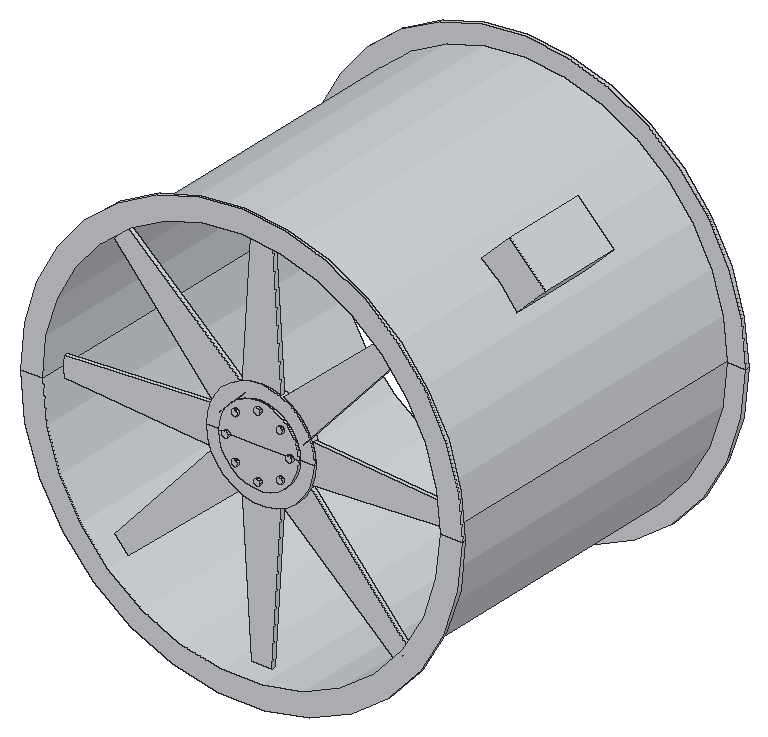
Revit family "CADS_Vent-Axia_MechEquip_Fan_LCA_630_1Ph4P - SUPPLY", category Mechanical Equipment, Revit 2020
Family settings
  Round Connector Dimension = Use Diameter
  Part Type = Normal
  OmniClass Number = 23.75.00.00
  OmniClass Title = Climate Control (HVAC)
  Work Plane-Based = No
  Always vertical = Yes
  Cut with Voids When Loaded = No
  Shared = No
  Room Calculation Point = No
Parameters (values of type "LCA631410")
  nr = NominalDiameter / 2  # 315 mm
  WorkingPressure = 0.0 Pa
  WarrantyStartDate [instance] = "1900-12-31T23:59:59"
  WarrantyPeriod = ""
  WarrantyIdentifier = "N/A"
  WarrantyGuarantorParts = "tech@vent-axia.com"
  WarrantyGuarantorLabor = "tech@vent-axia.com"
  WarrantyGuarantor = "Vent-Axia Limited"
  WarrantyEndDate [instance] = "1900-12-31T23:59:59"
  WarrantyContent = ""
  TemperatureRange = ""
  TagNumber [instance] = "N/A"
  SustainabilityPerformance = ""
  Status = "New"
  Size = ""
  Shape = ""
  ServiceLifeType = ""
  ServiceLifeDuration = ""
  SerialNumber [instance] = "N/A"
  ReplacementCost = ""
  RatedVoltage = 0 V
  RatedCurrent = 0 A
  Quantity = 1
  ProductionYear = ""
  PressureCurve = ""
  PowerFactor = ""
  PointOfContact = ""
  NumberOfPoles = 0
  NominalWidth = 630 mm
  NominalLength = 565 mm
  NominalHeight = 630 mm
  NominalFrequencyRange = ""
  NominalDiameter = 630 mm
  ModelReference = "LCAX 630mm 1PH 4P 10DEG"
  ModelNumber = "LCA631410"
  Material = ""
  ManufacturerE-Mail = "tech@vent-axia.com"
  ManufacturerAddress = "Fleming Way\nCrawley \nRH10 9YX"
  IsExtendedWarranty = no
  InsulationStandardClass = ""
  InstallationDate [instance] = "1900-12-31T23:59:59"
  IfcExportType [instance] = ""
  IfcExportAs = "IfcFanType"
  IP_Code = ""
  HasProtectiveEarth = no
  GrossWeight = 0.00 kg
  Grade = ""
  GlobalTradeItemNumber [instance] = "N/A"
  Fitting Type = "Ignore"
  Finish = ""
  Features = ""
  ExteriorInsulation = no
  ExpectedServiceLife = 0
  Exclusions = ""
  DurationUnit = "Year"
  Default Elevation = 0 mm
  Constituents = ""
  ConductorFunction = ""
  Color = ""
  CodePerformance = ""
  Category = ""
  CADS_Usage = 0
  CADS_Index = 0
  AssetType = "FIXED"
  AssetIdentifier [instance] = "N/A"
  AssemblyPlace = "UNKNOWN"
  ArticleNumber [instance] = "N/A"
  AirflowRateRange = 0.0 L/s
  Air Flow [instance] = 0.0 L/s
  AccessibilityPerformance = ""
Types (9, lengths in mm): name | ModelReference | ModelNumber
  LCA631410 | "LCAX 630mm 1PH 4P 10DEG" | "LCA631410"
  LCA631412 | "LCAX 630mm 1PH 4P 12DEG" | "LCA631412"
  LCA631414 | "LCAX 630mm 1PH 4P 14DEG" | "LCA631414"
  LCA631416 | "LCAX 630mm 1PH 4P 16DEG" | "LCA631416"
  LCA631418 | "LCAX 630mm 1PH 4P 18DEG" | "LCA631418"
  LCA631420 | "LCAX 630mm 1PH 4P 20DEG" | "LCA631420"
  LCA631422 | "LCAX 630mm 1PH 4P 22DEG" | "LCA631422"
  LCA631424 | "LCAX 630mm 1PH 4P 24DEG" | "LCA631424"
  LCA631426 | "LCAX 630mm 1PH 4P 26DEG" | "LCA631426"
Reference planes
  plane 1 "Center (Front/Back)": y = 0
  plane 2: z = 0
  plane 3 "Center (Left/Right)": x = 0
  plane 4: x = -315
  plane 5: x = 315
  plane 6 "F": y = -282.5
  plane 7 "B": y = 282.5
  plane 8: x = -350
  plane 9: y = 277.5
  plane 10: y = -277.5
  plane 11: x = -320
  plane 12: y = -242.5
  plane 13 "top": z = 315
  plane 14: z = -315
  plane 15 "45deg": through (0, -1524, 0) normal (-0.7071, 0, -0.7071)
  plane 16 "C": through (0, -1524, 0) normal (-0.7071, 0, 0.7071)
Forms (mm)
  Revolve 1, solid
    sketch origin (0, 0, 0) x (1, 0, 0) y (0, 1, 0)
      loop
        line (-350, -282.5) -> (-315, -282.5) -> (-315, 282.5) -> (-350, 282.5) -> (-350, 277.5) -> (-320, 277.5) -> (-320, -277.5) -> (-350, -277.5) -> (-350, -282.5)
      axis (0, 282.5) -> (0, -282.5)
    angle from 0 to 360
  Sweep 2, solid
    path origin (0, 0, 0) x (1, 0, 0) y (0, 0, 1)
      loop
        line (222.739, 222.739) -> (268.701, 268.701)
    profile origin (245.72, 0, 245.72) x (-0.707107, 0, 0.707107) y (0, -1, 0)
      loop
        line (37.5, 55) -> (-42.73, 55) -> (-42.73, -79.5) -> (37.5, -79.5) -> (37.5, 55)
Dimensions and locks
  equal spacing: plane 4, plane 3 "Center (Left/Right)", plane 5
  equal spacing: plane 7 "B", plane 1 "Center (Front/Back)", plane 6 "F"
  "NominalLength": plane 7 "B" to plane 6 "F"
  "NominalDiameter": plane 4 to plane 5
  locked: plane 11 to plane 4 at 5
  locked: plane 8 to plane 11 at 30
  locked: plane 6 "F" to plane 10 at 5
  locked: plane 7 "B" to plane 9 at 5
  locked: plane 6 "F" to plane 12 at 40
  equal spacing: plane 13 "top", level, plane 14
  "NominalDiameter": plane 13 "top" to plane 14
  "nr": Sweep 2 sketch curve to nested 13
  Sweep 2 sketch curve to Sweep 2 sketch curve = 65 mm
  aligned and locked: level to plane 2
  aligned and locked: nested 1 to plane 12
Automatic sketch dimensions
  plane 6 "F" to Revolve 1 sketch curve = 0 mm
  Revolve 1 sketch curve to plane 8 = 0 mm  (x2)
  plane 10 to Revolve 1 sketch curve = 0 mm
  Revolve 1 sketch curve to plane 11 = 0 mm
  Revolve 1 sketch curve to plane 4 = 0 mm
  Revolve 1 sketch curve to plane 3 "Center (Left/Right)" = 0 mm
  plane 1 "Center (Front/Back)" to Revolve 1 sketch curve = 0 mm
  Revolve 1 sketch curve to plane 9 = 0 mm
  Revolve 1 sketch curve to plane 7 "B" = 0 mm
  plane 6 "F" to Revolve 1 sketch curve = 115 mm
  plane 1 "Center (Front/Back)" to Sweep 2 sketch curve = 55 mm
  Sweep 2 sketch curve to profile plane = 37.5 mm
  Sweep 2 sketch curve to Sweep 2 sketch curve = 80.23 mm
  Sweep 2 sketch curve to Sweep 2 sketch curve = 134.5 mm
  Sweep 2 sketch curve to plane 16 "C" = 0 mm  (x2)
Nested families
  nested 1: "Fan for ESC" at (0, -242.5, 0), ND <- "NominalDiameter", type "Fan for ESC"
    with hub 63 mm, ND 630 mm, BoltPCD 50.4 mm, Bolt Count 8, B_Diam 10 mm
  nested 2: "Bolts" at (0, -251.672, -50.4) x (-1, 0, 0) z (0, 1, 0), type "Bolts"
    with bd 10 mm
  nested 3: "Bolts" at (-35.638, -251.672, -35.638) x (-0.7071, 0, 0.7071) z (0, 1, 0), type "Bolts"
    with bd 10 mm
  nested 4: "Bolts" at (-50.4, -251.672, 0) x (0, 0, 1) z (0, 1, 0), type "Bolts"
    with bd 10 mm
  nested 5: "Bolts" at (-35.638, -251.672, 35.638) x (0.7071, 0, 0.7071) z (0, 1, 0), type "Bolts"
    with bd 10 mm
  nested 6: "Bolts" at (35.638, -251.672, 35.638) x (0.7071, 0, -0.7071) z (0, 1, 0), type "Bolts"
    with bd 10 mm
  nested 7: "Bolts" at (0, -251.672, 50.4) x (1, 0, 0) z (0, 1, 0), type "Bolts"
    with bd 10 mm
  nested 8: "ESC Blade" at (0, -242.5, 0), type "ESC Blade"
    with a 20.00°, HR 63 mm, HD 126 mm, BT 31.5 mm, BR 252 mm, BH 40 mm, BD 630 mm, BB 63 mm
  nested 9: "ESC Blade" at (0, -242.5, 0) x (0.7071, 0, -0.7071) z (0.7071, 0, 0.7071), type "ESC Blade"
    with a 20.00°, HR 63 mm, HD 126 mm, BT 31.5 mm, BR 252 mm, BH 40 mm, BD 630 mm, BB 63 mm
  nested 10: "ESC Blade" at (0, -242.5, 0) x (0, 0, -1) z (1, 0, 0), type "ESC Blade"
    with a 20.00°, HR 63 mm, HD 126 mm, BT 31.5 mm, BR 252 mm, BH 40 mm, BD 630 mm, BB 63 mm
  nested 11: "ESC Blade" at (0, -242.5, 0) x (-0.7071, 0, -0.7071) z (0.7071, 0, -0.7071), type "ESC Blade"
    with a 20.00°, HR 63 mm, HD 126 mm, BT 31.5 mm, BR 252 mm, BH 40 mm, BD 630 mm, BB 63 mm
  nested 12: "ESC Blade" at (0, -242.5, 0) x (-1, 0, 0) z (0, 0, -1), type "ESC Blade"
    with a 20.00°, HR 63 mm, HD 126 mm, BT 31.5 mm, BR 252 mm, BH 40 mm, BD 630 mm, BB 63 mm
  nested 13: "ESC Blade" at (0, -242.5, 0) x (-0.7071, 0, -0.7071) z (-0.7071, 0, 0.7071), type "ESC Blade"
    with a 20.00°, HR 63 mm, HD 126 mm, BT 31.5 mm, BR 252 mm, BH 40 mm, BD 630 mm, BB 63 mm
  nested 14: "ESC Blade" at (0, -242.5, 0) x (0, 0, -1) z (-1, 0, 0), type "ESC Blade"
    with a 20.00°, HR 63 mm, HD 126 mm, BT 31.5 mm, BR 252 mm, BH 40 mm, BD 630 mm, BB 63 mm
  nested 15: "ESC Blade" at (0, -242.5, 0) x (0.7071, 0, -0.7071) z (-0.7071, 0, -0.7071), type "ESC Blade"
    with a 20.00°, HR 63 mm, HD 126 mm, BT 31.5 mm, BR 252 mm, BH 40 mm, BD 630 mm, BB 63 mm
  nested 16: "Bolts" at (50.4, -251.672, 0) x (0, 0, -1) z (0, 1, 0), type "Bolts"
    with bd 10 mm
  nested 17: "Bolts" at (35.638, -251.672, -35.638) x (-0.7071, 0, -0.7071) z (0, 1, 0), type "Bolts"
    with bd 10 mm
Connectors
  hvac at (0, -282.5, 0), driven by "NominalDiameter", driven by "Air Flow"
    settings: on Revolve 1, index 1, duct flow 0.0 L/s, flow factor 0, pres drop 0.0 Pa, loss coef 0, conn angle 0.00°, conn width 304.8 mm, conn height 304.8 mm, conn diameter 630 mm, duct sys type 1, conn prof type 0, flow config 1, flow direction 1, loss method 0, conn ref index -1, conn util no, is conn primary yes, conn desc ""
  hvac at (0, 282.5, 0), driven by "NominalDiameter", driven by "Air Flow"
    settings: on Revolve 1, index 2, duct flow 0.0 L/s, flow factor 0, pres drop 0.0 Pa, loss coef 0, conn angle 0.00°, conn width 304.8 mm, conn height 304.8 mm, conn diameter 630 mm, duct sys type 1, conn prof type 0, flow config 0, flow direction 2, loss method 0, conn ref index -1, conn util no, is conn primary no, conn desc ""
Definition of nested family "Fan for ESC"
  Parameters (values of type "Fan for ESC")
    hub [instance] = ND / 10  # 56.7 mm
    ND [instance] = 567 mm
    Model = "."
    Default Elevation = 0 mm
    BoltPCD [instance] = hub - (hub * 0.2)  # 45.36 mm
    Bolt Count [instance] = if(hub < 50 mm, 6, 8)  # 8
    B_Diam [instance] = if(hub < 50 mm, 5 mm, 10 mm)  # 10 mm
  Reference planes
    plane 1 "Center (Front/Back)": y = 0
    plane 2: z = 0
    plane 3 "Center (Left/Right)": x = 0
    plane 4 "back": y = 20
    plane 5 "bolts": y = -9.172
    plane 6 "B": z = 56.7
    plane 7: x = -79.287
    plane 8: x = -56.7
    plane 9 "hubface": y = -6.172
  Forms (mm)
    Revolve 1, solid
      sketch origin (0, 0, 0) x (1, 0, 0) y (0, 1, 0)
        loop
          line (0, 20) -> (-56.7, 20) -> (-56.7, 10.504) -> (-79.287, 10.504) -> (-79.287, -2.597) -> (-56.7, -2.597) -> (-56.7, -6.172) -> (0, -6.172) -> (0, 20)
        axis (0, 20) -> (0, -6.172)
      angle from 0 to 360
    Extrusion 2, solid, not visible
      sketch origin (0, -6.347, -4) x (-1, 0, 0) y (0, 0, 1)
        loop
          circle (0, 84) r 5
      from 0 to 3
  Lines and regions (mm)
    symbolic lines
      curve 1: circle (0, -9.172, 0) r 45.36 normal (0, 1, 0)
    model lines, not visible
      curve 2: line (0, -6.347, 85) -> (0, -6.347, 75)
  Dimensions and locks
    "hub": plane 6 "B" to plane 2
    "hub": nested 3 to plane 3 "Center (Left/Right)"
    "hub": nested 4 to plane 3 "Center (Left/Right)"
    "hub": nested 5 to plane 3 "Center (Left/Right)"
    "hub": plane 3 "Center (Left/Right)" to nested 6
    "hub": Revolve 1 sketch curve to Revolve 1 sketch curve
    "hub": plane 3 "Center (Left/Right)" to nested 7
    "hub": plane 3 "Center (Left/Right)" to nested 8
    "hub": plane 3 "Center (Left/Right)" to nested 9
    "hub": plane 8 to plane 3 "Center (Left/Right)"
    plane 7 to plane 8 = 22.587 mm
    diameter of Extrusion 2 sketch curve = 10 mm
    "BoltPCD": radius of curve 1
    "BoltPCD": radius of radial array
    aligned and locked: level to plane 2
    aligned and locked: plane 6 "B" to nested 1
  Automatic sketch dimensions
    Revolve 1 sketch curve to plane 7 = 0 mm
    Revolve 1 sketch curve to plane 8 = 0 mm  (x2)
    Revolve 1 sketch curve to plane 3 "Center (Left/Right)" = 0 mm
    Revolve 1 sketch curve to plane 9 "hubface" = 0 mm
    plane 4 "back" to Revolve 1 sketch curve = 0 mm
    plane 1 "Center (Front/Back)" to Revolve 1 sketch curve = 2.597 mm
    plane 4 "back" to Revolve 1 sketch curve = 9.496 mm
    Revolve 1 sketch curve to Revolve 1 sketch curve = 5 mm
    Revolve 1 sketch curve to plane 4 "back" = 45 mm
    curve 1 to level = 0 mm
    curve 1 to plane 3 "Center (Left/Right)" = 0 mm
  Nested families
    nested 1: "ESC Blade" at (0, 0, 0), BD <- "ND", HD <- "hub", type "ESC Blade"
      with a 20.00°, HR 56.7 mm, HD 113.4 mm, BT 28.35 mm, BR 226.8 mm, BH 40 mm, BD 567 mm, BB 56.7 mm
    nested 2: "ESC Blade" at (0, 0, 755), BD <- "ND", HD <- "hub", type "ESC Blade", not visible
      with a 20.00°, HR 56.7 mm, HD 113.4 mm, BT 28.35 mm, BR 226.8 mm, BH 40 mm, BD 567 mm, BB 56.7 mm
    nested 3: "ESC Blade" at (0, 0, 0) x (0.7071, 0, -0.7071) z (0.7071, 0, 0.7071), BD <- "ND", HD <- "hub", type "ESC Blade"
      with a 20.00°, HR 56.7 mm, HD 113.4 mm, BT 28.35 mm, BR 226.8 mm, BH 40 mm, BD 567 mm, BB 56.7 mm
    nested 4: "ESC Blade" at (0, 0, 0) x (0, 0, -1) z (1, 0, 0), BD <- "ND", HD <- "hub", type "ESC Blade"
      with a 20.00°, HR 56.7 mm, HD 113.4 mm, BT 28.35 mm, BR 226.8 mm, BH 40 mm, BD 567 mm, BB 56.7 mm
    nested 5: "ESC Blade" at (0, 0, 0) x (-0.7071, 0, -0.7071) z (0.7071, 0, -0.7071), BD <- "ND", HD <- "hub", type "ESC Blade"
      with a 20.00°, HR 56.7 mm, HD 113.4 mm, BT 28.35 mm, BR 226.8 mm, BH 40 mm, BD 567 mm, BB 56.7 mm
    nested 6: "ESC Blade" at (0, 0, 0) x (-1, 0, 0) z (0, 0, -1), BD <- "ND", HD <- "hub", type "ESC Blade"
      with a 20.00°, HR 56.7 mm, HD 113.4 mm, BT 28.35 mm, BR 226.8 mm, BH 40 mm, BD 567 mm, BB 56.7 mm
    nested 7: "ESC Blade" at (0, 0, 0) x (-0.7071, 0, -0.7071) z (-0.7071, 0, 0.7071), BD <- "ND", HD <- "hub", type "ESC Blade"
      with a 20.00°, HR 56.7 mm, HD 113.4 mm, BT 28.35 mm, BR 226.8 mm, BH 40 mm, BD 567 mm, BB 56.7 mm
    nested 8: "ESC Blade" at (0, 0, 0) x (0, 0, -1) z (-1, 0, 0), BD <- "ND", HD <- "hub", type "ESC Blade"
      with a 20.00°, HR 56.7 mm, HD 113.4 mm, BT 28.35 mm, BR 226.8 mm, BH 40 mm, BD 567 mm, BB 56.7 mm
    nested 9: "ESC Blade" at (0, 0, 0) x (0.7071, 0, -0.7071) z (-0.7071, 0, -0.7071), BD <- "ND", HD <- "hub", type "ESC Blade"
      with a 20.00°, HR 56.7 mm, HD 113.4 mm, BT 28.35 mm, BR 226.8 mm, BH 40 mm, BD 567 mm, BB 56.7 mm
    nested 10: "Bolts" at (0, -9.172, 45.36) x (1, 0, 0) z (0, 1, 0), bd <- "B_Diam", type "Bolts"
      with bd 10 mm
    nested 11: "Bolts" at (32.074, -9.172, 32.074) x (0.7071, 0, -0.7071) z (0, 1, 0), bd <- "B_Diam", type "Bolts"
      with bd 10 mm
    nested 12: "Bolts" at (-32.074, -9.172, 32.074) x (0.7071, 0, 0.7071) z (0, 1, 0), bd <- "B_Diam", type "Bolts"
      with bd 10 mm
    nested 13: "Bolts" at (-45.36, -9.172, 0) x (0, 0, 1) z (0, 1, 0), bd <- "B_Diam", type "Bolts"
      with bd 10 mm
    nested 14: "Bolts" at (-32.074, -9.172, -32.074) x (-0.7071, 0, 0.7071) z (0, 1, 0), bd <- "B_Diam", type "Bolts"
      with bd 10 mm
    nested 15: "Bolts" at (0, -9.172, -45.36) x (-1, 0, 0) z (0, 1, 0), bd <- "B_Diam", type "Bolts"
      with bd 10 mm
    nested 16: "Bolts" at (32.074, -9.172, -32.074) x (-0.7071, 0, -0.7071) z (0, 1, 0), bd <- "B_Diam", type "Bolts"
      with bd 10 mm
    nested 17: "Bolts" at (45.36, -9.172, 0) x (0, 0, -1) z (0, 1, 0), bd <- "B_Diam", type "Bolts"
      with bd 10 mm
  Definition of nested family "ESC Blade"
    Parameters (values of type "ESC Blade")
      a [instance] = 20.00°
      HR [instance] = HD / 2  # 30 mm
      HD [instance] = BD / 5  # 60 mm
      Default Elevation = 1219.2 mm
      BT [instance] = BD / 20  # 15 mm
      BR [instance] = (BD / 2) - HR  # 120 mm
      BH [instance] = 40 mm
      BD [instance] = 300 mm
      BB [instance] = BD / 10  # 30 mm
    Reference planes
      plane 1 "Center (Front/Back)": y = 0
      plane 2: z = 0
      plane 3 "Center (Left/Right)": x = 0
      plane 4 "Blade Bot": z = 30
      plane 5: x = -15
      plane 6: x = 15
      plane 7: x = -7.5
      plane 8: x = 7.5
    Forms (mm)
      Blend 1, solid
        base sketch origin (0, 0, 30) x (-1, 0, 0) y (0, -1, 0)
          loop
            line (15, 0) -> (-15, 0) -> (-15, -6) -> (15, -6) -> (15, 0)
        top sketch origin (0, 0, 30) x (-1, 0, 0) y (0, -1, 0)
          loop
            line (7.5, -6) -> (7.5, 0) -> (-7.5, 0) -> (-7.5, -6) -> (7.5, -6)
        from 0 to 120 <- "BR"
    Dimensions and locks
      "HR": plane 4 "Blade Bot" to level
      equal spacing: plane 8, plane 3 "Center (Left/Right)", plane 7
      "BT": plane 8 to plane 7
      equal spacing: plane 6, plane 3 "Center (Left/Right)", plane 5
      "BB": plane 6 to plane 5
      aligned and locked: level to plane 2
    Automatic sketch dimensions
      plane 1 "Center (Front/Back)" to Blend 1 sketch curve = 0 mm  (x2)
      Blend 1 sketch curve to plane 6 = 0 mm
      Blend 1 sketch curve to plane 5 = 0 mm
      Blend 1 sketch curve to plane 1 "Center (Front/Back)" = 6 mm  (x2)
      Blend 1 sketch curve to plane 8 = 0 mm
      Blend 1 sketch curve to plane 7 = 0 mm
  Definition of nested family "Bolts"
    Parameters
      bd [instance] = 10 mm
      Default Elevation = 1219.2 mm
    Reference planes
      plane 1 "Center (Front/Back)": y = 0
      plane 2: z = 0
      plane 3 "Center (Left/Right)": x = 0
    Forms (mm)
      Extrusion 1, solid
        sketch origin (0, 0, 0) x (1, 0, 0) y (0, 1, 0)
          loop
            line (-1219.2, 1219.2) -> (-1219.2, -1219.2) -> (1219.2, -1219.2) -> (1219.2, 1219.2) -> (-1219.2, 1219.2)
        from 0 to -304.8
      Extrusion 2, solid
        sketch origin (0, 0, 0) x (1, 0, 0) y (0, 1, 0)
          loop
            circle (0, 0) r 5
        from 0 to 3
    Dimensions and locks
      "bd": diameter of Extrusion 2 sketch curve
      aligned and locked: plane 2 to Extrusion 1
      aligned and locked: level to Extrusion 1
    Automatic sketch dimensions
      Extrusion 1 sketch curve to Extrusion 1 sketch curve = 2438.4 mm  (x2)
      plane 1 "Center (Front/Back)" to Extrusion 2 sketch curve = 0 mm
      Extrusion 2 sketch curve to plane 3 "Center (Left/Right)" = 0 mm
Definition of nested family "Bolts"
  Parameters
    bd [instance] = 10 mm
    Default Elevation = 1219.2 mm
  Reference planes
    plane 1 "Center (Front/Back)": y = 0
    plane 2: z = 0
    plane 3 "Center (Left/Right)": x = 0
  Forms (mm)
    Extrusion 1, solid
      sketch origin (0, 0, 0) x (1, 0, 0) y (0, 1, 0)
        loop
          line (-1219.2, 1219.2) -> (-1219.2, -1219.2) -> (1219.2, -1219.2) -> (1219.2, 1219.2) -> (-1219.2, 1219.2)
      from 0 to -304.8
    Extrusion 2, solid
      sketch origin (0, 0, 0) x (1, 0, 0) y (0, 1, 0)
        loop
          circle (0, 0) r 5
      from 0 to 3
  Dimensions and locks
    "bd": diameter of Extrusion 2 sketch curve
    aligned and locked: plane 2 to Extrusion 1
    aligned and locked: level to Extrusion 1
  Automatic sketch dimensions
    Extrusion 1 sketch curve to Extrusion 1 sketch curve = 2438.4 mm  (x2)
    plane 1 "Center (Front/Back)" to Extrusion 2 sketch curve = 0 mm
    Extrusion 2 sketch curve to plane 3 "Center (Left/Right)" = 0 mm
Definition of nested family "ESC Blade"
  Parameters (values of type "ESC Blade")
    a [instance] = 20.00°
    HR [instance] = HD / 2  # 30 mm
    HD [instance] = BD / 5  # 60 mm
    Default Elevation = 1219.2 mm
    BT [instance] = BD / 20  # 15 mm
    BR [instance] = (BD / 2) - HR  # 120 mm
    BH [instance] = 40 mm
    BD [instance] = 300 mm
    BB [instance] = BD / 10  # 30 mm
  Reference planes
    plane 1 "Center (Front/Back)": y = 0
    plane 2: z = 0
    plane 3 "Center (Left/Right)": x = 0
    plane 4 "Blade Bot": z = 30
    plane 5: x = -15
    plane 6: x = 15
    plane 7: x = -7.5
    plane 8: x = 7.5
  Forms (mm)
    Blend 1, solid
      base sketch origin (0, 0, 30) x (-1, 0, 0) y (0, -1, 0)
        loop
          line (15, 0) -> (-15, 0) -> (-15, -6) -> (15, -6) -> (15, 0)
      top sketch origin (0, 0, 30) x (-1, 0, 0) y (0, -1, 0)
        loop
          line (7.5, -6) -> (7.5, 0) -> (-7.5, 0) -> (-7.5, -6) -> (7.5, -6)
      from 0 to 120 <- "BR"
  Dimensions and locks
    "HR": plane 4 "Blade Bot" to level
    equal spacing: plane 8, plane 3 "Center (Left/Right)", plane 7
    "BT": plane 8 to plane 7
    equal spacing: plane 6, plane 3 "Center (Left/Right)", plane 5
    "BB": plane 6 to plane 5
    aligned and locked: level to plane 2
  Automatic sketch dimensions
    plane 1 "Center (Front/Back)" to Blend 1 sketch curve = 0 mm  (x2)
    Blend 1 sketch curve to plane 6 = 0 mm
    Blend 1 sketch curve to plane 5 = 0 mm
    Blend 1 sketch curve to plane 1 "Center (Front/Back)" = 6 mm  (x2)
    Blend 1 sketch curve to plane 8 = 0 mm
    Blend 1 sketch curve to plane 7 = 0 mm
